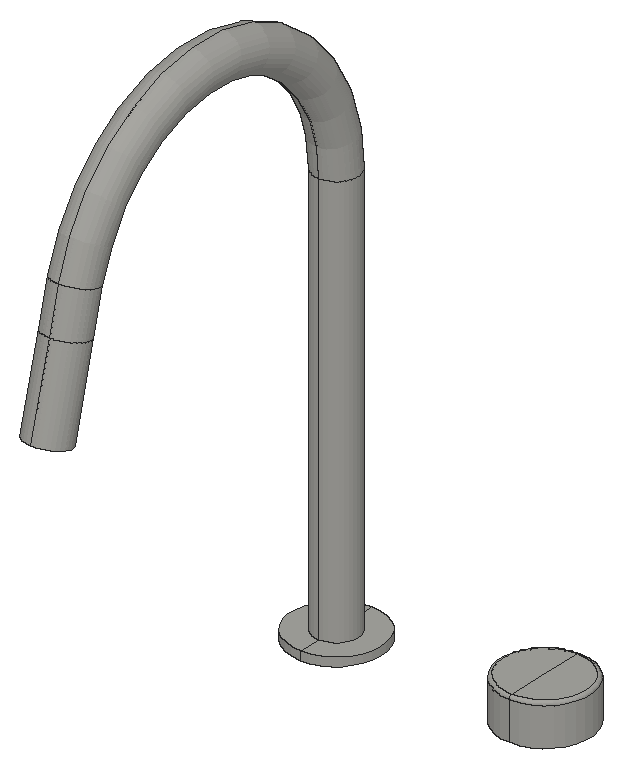
Revit family "MixerSet_Hob_Abey_PocoP_Sink_SingleSprayHead_FaceBased", category Plumbing Fixtures, host Face, Revit 2022
Family settings
  Host = Face
  Round Connector Dimension = Use Diameter
  Part Type = Normal
  OmniClass Number = 23.31.11.19
  OmniClass Title = Faucet Mixing Valves
  Cut with Voids When Loaded = No
  Maintain Annotation Orientation = No
  Shared = No
  Room Calculation Point = No
Parameters (values of type "Gun Metal (8K2-GM-LF)")
  Waste Connection = no
  Vent Connection = no
  Uniclass2015Version = "Products v1.38"
  Uniclass2015Title = "Mixer taps"
  Uniclass2015Code = "Pr_40_20_87_55"
  URL = "https://www.abey.com.au/"
  Type Comments = "Mixer Set - Hob - Gun Metal"
  ModifiedIssue = 20251103
  Model = "8K2-GM-LF"
  BodyMaterial = Metal_Abey_GunMetal
  ManufacturerURLProductSpecific = "https://www.abeyspecifier.com.au/product/poco-p-pull-out-goose-neck-hob-set-368mm/"
  ManufacturerSpecCode = Model  # "8K2-GM-LF"
  ManufacturerOverallWidth = 180 mm  # constant formula
  ManufacturerOverallHeight = 367.5 mm  # constant formula
  ManufacturerOverallDepth = 257.5 mm  # constant formula
  Manufacturer = "Abey"  # constant formula
  Keynote = ""
  IfcExportType = "FAUCET"
  IfcExportAs = "ifcValve"
  HW Connection = yes
  Description = "Poco P Pull Out Goose Neck Hob Set 368mm"
  Default Elevation = 0 mm
  CreatedByURL = "https://igsgroup.com.au"
  CreatedBy = "IGS BIM Solutions"  # constant formula
  Cost = 0
  CW Connection = yes
  Assembly Code = "C1030210"
Types (3, lengths in mm): name | Type Comments | Model | BodyMaterial | ManufacturerSpecCode
  Gun Metal (8K2-GM-LF) | "Mixer Set - Hob - Gun Metal" | "8K2-GM-LF" | Metal_Abey_GunMetal | "8K2-GM-LF"
  Brushed Brass (8K2-BB-LF) | "Mixer Set - Hob - Brushed Brass" | "8K2-BB-LF" | Metal_Abey_Brass | "8K2-BB-LF"
  Brushed Nickel (8K2-BN-LF) | "Mixer Set - Hob - Brushed Nickel" | "8K2-BN-LF" | Metal_Abey_BrushedNickel | "8K2-BN-LF"
Reference planes
  plane 1 "SpoutCenter (Front/Back)": y = -22.75
  plane 2 "Bottom": z = 0
  plane 3 "Center (Left/Right)": x = 18.07
  plane 4 "Front": y = -253.25
  plane 5 "Back": y = 4.25
  plane 6 "Left": x = -71.93
  plane 7 "Right": x = 108.07
  plane 8 "Top": z = 367.5
Forms (mm)
  Extrusion 1, void
    sketch origin (0, 0, 0) x (1, 0, 0) y (0, 1, 0)
      loop
        circle (-44.93, -22.574) r 16.081
    from 0 to -30
Text (mm)
  text "Disclaimer:\nDue to ongoing product development and manufacturing evolution, product details are subject to change without notice. Please refer to product technical data sheets on the manufacturers website for the most current product information. Please allow a +/- 5mm manufacturing tolerance for dimensions and set-outs shown in product literature." at (185.992, 8.188, 0), in view "Ref. Level"
Dimensions and locks
  "ManufacturerOverallHeight": plane 8 "Top" to plane 2 "Bottom"
  "ManufacturerOverallWidth": plane 6 "Left" to plane 7 "Right"
  "ManufacturerOverallDepth": plane 4 "Front" to plane 5 "Back"
  equal spacing: plane 6 "Left", plane 3 "Center (Left/Right)", plane 7 "Right"
  plane 1 "SpoutCenter (Front/Back)" to plane 5 "Back" = 27 mm
  aligned and locked: plane 2 "Bottom" to host face
  aligned and locked: level to host face
  aligned and locked: plane 3 "Center (Left/Right)" to nested 1
  aligned and locked: plane 1 "SpoutCenter (Front/Back)" to nested 1
  aligned and locked: nested 1 to host face
Automatic sketch dimensions
  host sketch curve to host sketch curve = 180 mm
  host sketch curve to host sketch curve = 257.5 mm
  Extrusion 1 sketch curve to plane 3 "Center (Left/Right)" = 63 mm
  Extrusion 1 sketch curve to plane 1 "SpoutCenter (Front/Back)" = 0.176 mm
  radius of Extrusion 1 sketch curve = 16.081 mm
Nested families
  nested 1: "z_MixerSet_Hob_Abey_PocoP_Sink_SingleSprayHead" at (18.07, -173.25, -900), type "Type 1"
Connectors
  piping at (-37.58, -22.75, -1), diameter 12.7, driven by "CW Connection"
    settings: on nested 1, index 1, connector inside diameter 24", connector length 0 mm, flow factor 0, pipe flow 0.00 L/s, pressure drop 0 kPa, fitting loss kfactor 0, connector angle 0.00°, fixture units 0, engagement length 0 mm, angle of deflection 0.00°, flow configuration 2, flow direction 1, fitting loss method 0, system type 20, joint type 0, gender type 0, connector reference index -1, connector utility 1, adjustable connector no, is connector primary yes, connector description "Cold Water Supply"
  piping at (-52.28, -22.75, -1), diameter 12.7, driven by "HW Connection"
    settings: on nested 1, index 2, connector inside diameter 24", connector length 0 mm, flow factor 0, pipe flow 0.00 L/s, pressure drop 0 kPa, fitting loss kfactor 0, connector angle 0.00°, fixture units 0, engagement length 0 mm, angle of deflection 0.00°, flow configuration 2, flow direction 1, fitting loss method 0, system type 19, joint type 0, gender type 0, connector reference index -1, connector utility 1, adjustable connector no, is connector primary no, connector description "Hot Water Supply"
Definition of nested family "z_MixerSet_Hob_Abey_PocoP_Sink_SingleSprayHead"
  Parameters (values of type "Type 1")
    Waste Connection = no
    Vent Connection = no
    Uniclass2015Version = ""
    Uniclass2015Title = ""
    Uniclass2015Code = ""
    URL = "https://www.abey.com.au/"
    Type Comments = ""
    ModifiedIssue = 0
    Model = ""
    ManufacturerURLProductSpecific = ""
    ManufacturerSpecCode = ""
    ManufacturerOverallWidth = 180 mm
    ManufacturerOverallHeight = 367.5 mm
    ManufacturerOverallDepth = 257.5 mm
    Manufacturer = "Abey"  # constant formula
    IfcExportType = ""
    IfcExportAs = ""
    HW Connection = yes
    Description = ""
    Default Elevation = 0 mm
    CreatedByURL = "https://igsgroup.com.au"
    CreatedBy = "IGS BIM Solutions"  # constant formula
    CW Connection = yes
    BodyMaterial = none
    Assembly Code = ""
  Reference planes
    plane 1 "Ref. Level": z = 0
    plane 2 "Center (Left/Right)": x = 0
    plane 3 "Left": x = -90
    plane 4 "Right": x = 90
    plane 5 "Back": y = 177.5
    plane 6 "Bottom": z = 900
    plane 7 "Top": z = 1267.5
    plane 8 "SpoutCenter (Front/Back)": y = 150.5
    plane 9 "SpoutCenter (Left/Right)": x = -63
    plane 10 "HobCenter (Left/Right)": x = 63
    plane 11 "Front": y = -80
  Forms (mm)
    Revolve 1, solid, material <- "BodyMaterial"
      sketch origin (-63, 1161.962, 4000) x (0, 1, 0) y (0, 0, 1)
        loop
          line (-984.462, -3100) -> (-984.462, -3095) -> (-1011.462, -3095) -> (-1011.462, -3100) -> (-984.462, -3100)
        axis (-1011.462, -3100) -> (-1011.462, -3095)
      angle from 0 to 360
    Revolve 2, solid, material <- "BodyMaterial"
      sketch origin (63, 1161.962, 4000) x (0, 1, 0) y (0, 0, 1)
        loop
          line (-1011.462, -3100) -> (-984.462, -3100) -> (-984.462, -3077)
          arc (-984.462, -3077) -> (-985.048, -3075.586) -> (-986.462, -3075) r 2
          line (-986.462, -3075) -> (-1011.462, -3075) -> (-1011.462, -3100)
        axis (-1011.462, -3100) -> (-1011.462, -3075)
      angle from 0 to 360
    Sweep 3, solid, material <- "BodyMaterial"
      path origin (-63, 1161.962, 4000) x (0, 1, 0) y (0, 0, 1)
        loop
          line (-1011.462, -3095) -> (-1011.462, -2845.689)
      profile origin (-63, 150.5, 1029.656) x (0, -1, 0) y (1, 0, 0)
        loop
          circle (0, 0) r 13
    Sweep 4, solid, material <- "BodyMaterial"
      path origin (-63, 1161.962, 4000) x (0, 1, 0) y (0, 0, 1)
        loop
          line (-1215.445, -2845.689) -> (-1208.495, -2819.749)
          arc (-1208.495, -2819.749) -> (-1098.604, -2746.322) -> (-1011.462, -2845.689) r 100.224
      profile origin (-63, -50.008, 1167.281) x (0, -0.965926, 0.258819) y (1, 0, 0)
        loop
          circle (0, 0) r 13
    Sweep 5, solid, material <- "BodyMaterial"
      path origin (-63, 1161.962, 4000) x (0, 1, 0) y (0, 0, 1)
        loop
          line (-1229.462, -2898) -> (-1215.445, -2845.689)
      profile origin (-63, -60.492, 1128.156) x (0, -0.965926, 0.258819) y (1, 0, 0)
        loop
          circle (0, 0) r 13
    Extrusion 6, solid, material <- "BodyMaterial"
      sketch origin (0, 0, 900) x (0, -1, 0) y (1, 0, 0)
        loop
          circle (-150.5, -70.35) r 6.35
        loop
          circle (-150.5, -55.65) r 6.35
      from 0 to -1
  Cuts and joins
    joined: Sweep 3, Sweep 4
  Lines and regions (mm)
    Masking region 1
      outline origin (0, 0, 1267.5) x (0, -1, 0) y (1, 0, 0)
        loop
          arc (-126.836, -50) -> (-177.5, -63) -> (-126.836, -76) r 27
          line (-126.836, -76) -> (67.001, -76)
          arc (67.001, -76) -> (80.001, -63) -> (67.001, -50) r 13
          line (67.001, -50) -> (-126.836, -50)
        loop
          circle (-150.5, 63) r 27
    symbolic lines, detail levels medium+fine
      curve 1: arc (-76, 150.5, 1267.5) -> (-63, 163.5, 1267.5) -> (-50, 150.5, 1267.5) r 13
      curve 2: line (-76, 126.836, 1267.5) -> (-76, 150.5, 1267.5)
      curve 3: line (-50, 126.836, 1267.5) -> (-50, 150.5, 1267.5)
  Dimensions and locks
    "ManufacturerOverallWidth": plane 3 "Left" to plane 4 "Right"
    "ManufacturerOverallHeight": plane 7 "Top" to plane 6 "Bottom"
    plane 6 "Bottom" to plane 1 "Ref. Level" = 900 mm
    plane 6 "Bottom" to plane 7 "Top" = 367.5 mm
    "ManufacturerOverallDepth": plane 11 "Front" to plane 5 "Back"
    equal spacing: plane 3 "Left", plane 2 "Center (Left/Right)", plane 4 "Right", locked at 90 each
    locked: plane 8 "SpoutCenter (Front/Back)" to plane 5 "Back" at 27
    locked: plane 3 "Left" to plane 9 "SpoutCenter (Left/Right)" at 27
    locked: plane 10 "HobCenter (Left/Right)" to plane 4 "Right" at 27
    aligned and locked: level to plane 1 "Ref. Level"
  Automatic sketch dimensions
    Revolve 1 sketch curve to plane 8 "SpoutCenter (Front/Back)" = 0 mm  (x2)
    Revolve 1 sketch curve to plane 5 "Back" = 0 mm
    plane 6 "Bottom" to Revolve 1 sketch curve = 0 mm
    Revolve 1 sketch curve to Revolve 1 sketch curve = 5 mm
    Revolve 1 sketch curve to Revolve 1 sketch curve = 100 mm
    plane 6 "Bottom" to Revolve 2 sketch curve = 0 mm
    Revolve 2 sketch curve to plane 8 "SpoutCenter (Front/Back)" = 0 mm  (x2)
    Revolve 2 sketch curve to plane 5 "Back" = 0 mm
    Revolve 2 sketch curve to plane 5 "Back" = 2 mm
    Revolve 2 sketch curve to Revolve 2 sketch curve = 23 mm
    Revolve 2 sketch curve to Revolve 2 sketch curve = 11.447 mm
    Revolve 2 sketch curve to Revolve 2 sketch curve = 5.547 mm
    Revolve 1 sketch curve to plane 6 "Bottom" = 5 mm
    Sweep 3 sketch curve to plane 6 "Bottom" = 5 mm
    Sweep 3 sketch curve to plane 8 "SpoutCenter (Front/Back)" = 0 mm
    Sweep 4 sketch curve to plane 9 "SpoutCenter (Left/Right)" = 0 mm
    Sweep 4 sketch curve to profile plane = 0 mm
    Sweep 4 sketch curve to plane 8 "SpoutCenter (Front/Back)" = 0 mm
    Sweep 4 sketch curve to plane 11 "Front" = 33.467 mm
    Sweep 4 sketch curve to plane 11 "Front" = 26.517 mm
    Sweep 4 sketch curve to Sweep 4 sketch curve = 25.94 mm
    Sweep 5 sketch curve to plane 11 "Front" = 26.517 mm
    Sweep 5 sketch curve to plane 11 "Front" = 12.5 mm
    Sweep 5 sketch curve to plane 9 "SpoutCenter (Left/Right)" = 0 mm
    Sweep 5 sketch curve to profile plane = 0 mm
    Sweep 5 sketch curve to Sweep 5 sketch curve = 52.311 mm
    plane 8 "SpoutCenter (Front/Back)" to Masking region 1 sketch curve = 0 mm  (x2)
    Masking region 1 sketch curve to plane 9 "SpoutCenter (Left/Right)" = 0 mm  (x2)
    Masking region 1 sketch curve to plane 10 "HobCenter (Left/Right)" = 0 mm
    plane 8 "SpoutCenter (Front/Back)" to Masking region 1 sketch curve = 23.664 mm
    Masking region 1 sketch curve to plane 11 "Front" = 12.999 mm
    Masking region 1 sketch curve to plane 9 "SpoutCenter (Left/Right)" = 13 mm
    plane 8 "SpoutCenter (Front/Back)" to curve 3 = 0 mm
    curve 1 to plane 9 "SpoutCenter (Left/Right)" = 0 mm
    plane 8 "SpoutCenter (Front/Back)" to curve 3 = 23.664 mm
    plane 8 "SpoutCenter (Front/Back)" to curve 2 = 23.664 mm
    plane 9 "SpoutCenter (Left/Right)" to curve 3 = 13 mm
    plane 8 "SpoutCenter (Front/Back)" to Extrusion 6 sketch curve = 0 mm  (x2)
    Extrusion 6 sketch curve to plane 9 "SpoutCenter (Left/Right)" = 7.35 mm
    plane 9 "SpoutCenter (Left/Right)" to Extrusion 6 sketch curve = 7.35 mm
    Sweep 4 sketch curve to Sweep 4 sketch curve = 100.224 mm
    plane 7 "Top" to Sweep 3 sketch curve = 113.189 mm
    plane 7 "Top" to Sweep 4 sketch curve = 113.189 mm
    plane 7 "Top" to Sweep 5 sketch curve = 165.5 mm
    radius of Sweep 4 sketch curve = 13 mm
    radius of Sweep 5 sketch curve = 13 mm
    radius of Masking region 1 sketch curve = 27 mm
    radius of Extrusion 6 sketch curve = 6.35 mm  (x2)
